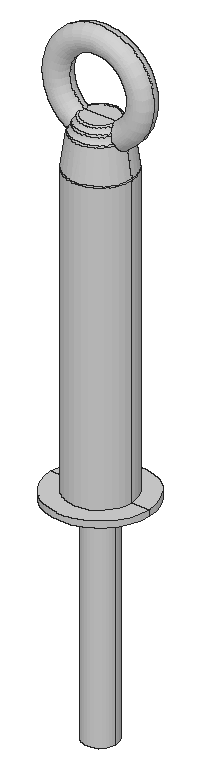
Revit family "AnchorPoint_Kattsafe_ConcreteMount_Raised", category Specialty Equipment, host Face, Revit 2025
Family settings
  Host = Face
  Round Connector Dimension = Use Diameter
  Part Type = Normal
  OmniClass Number = 23.27.71.21
  Enable Cutting in Views = No
  Cut with Voids When Loaded = Yes
  Maintain Annotation Orientation = No
  Shared = No
  Room Calculation Point = No
Parameters (values of type "150mm Extension (AP118.150)")
  Uniclass2015Version = "Products v1.23"
  Uniclass2015Title = "Safety access anchor devices"
  Uniclass2015Code = "Pr_40_70_75_75"
  URL = "https://kattsafe.com.au/"
  Type IFC Predefined Type = "USERDEFINED"
  Type Comments = "Concrete Mount Anchor - Raised - 15kN rated - 0.7kg"
  SafetyDisclaimer [instance] = "WARNING! The correct placement of access, fall protection and facade maintenance systems is critical to ensure it is fit-for-purpose and safe for the operator to use. Did you know Kattsafe® have a dedicated team of Height Safety System Design Specialists? Kattsafe® provide one-on-one consultation and system design assistance to ensure you are meeting the stringent requirements of height safety and to give you PEACE OF MIND with your project."  # constant formula
  ModifiedIssue = 20240430
  Model = "AP118.150"
  Material = Steel_Stainless_Kattsafe_Satin
  ManufacturerURLProductSpecific = "https://kattsafe.com.au/products/anchor-points/concrete-mount-roof-anchors/raised-concrete-mount-anchor-AP118"
  ManufacturerSpecCode = Model  # "AP118.150"
  ManufacturerOverallWidth = 65 mm  # constant formula
  ManufacturerOverallHeight = ExtensionHeight + 65 mm + 110 mm  # 325 mm
  ManufacturerOverallDepth = 65 mm  # constant formula
  ManufacturerHeightFromFFL [instance] = 0 mm
  Manufacturer = "Kattsafe®"  # constant formula
  IfcExportType = "USERDEFINED"
  IfcExportAs = "IfcBuildingElementProxy"
  ExtensionHeight = 150 mm
  Export Type to IFC As = "IfcBuildingElementProxy"
  ElementType = "Fall Protection"
  Description = "Our Kattsafe anchor points are specifically designed, manufactured, and tested to comply with and often exceed Australian Standards, effectively handling excessive loads and saving lives when using a harness and lanyard system."  # constant formula
  Default Elevation = 0 mm  # constant formula
  CreatedBy = "IGS BIM Solutions"  # constant formula
  CreatedByURL = "https://igsgroup.com.au"
  Assembly Code = "E1090100"
Types (3, lengths in mm): name | Type Comments | Model | ManufacturerSpecCode
  50mm Extension (AP118.050) | "Concrete Mount Anchor - Raised - 15kN rated - 0.5kg" | "AP118.050" | "AP118.050"
  150mm Extension (AP118.150) | "Concrete Mount Anchor - Raised - 15kN rated - 0.7kg" | "AP118.150" | "AP118.150"
  200mm Extension (AP118.200) | "Concrete Mount Anchor - Raised - 15kN rated - 0.9kg" | "AP118.200" | "AP118.200"
Reference planes
  plane 1 "Center (Front/Back)": y = 0
  plane 2 "Ref. Level": z = 0
  plane 3 "Center (Left/Right)": x = 0
  plane 4 "Front": y = -32.5
  plane 5 "Back": y = 32.5
  plane 6 "Right": x = 32.5
  plane 7 "Left": x = -32.5
  plane 8 "Base": z = 0
  plane 9 "Top": z = 215
  plane 10 "Extension Top": z = 150
  plane 11 "Bottom": z = -110
Forms (mm)
  Sweep 1, solid, material "Steel_Stainless_Kattsafe_Satin" <- "Material"
    path origin (0, 0, 2.188) x (1, 0, 0) y (0, 0, 1)
      loop
        arc (9.446, 161.853) -> (0.597, 209.993) -> (-10.54, 162.331) r 25
    profile origin (0.597, 0, 212.18) x (-0.02387, 0, -0.999715) y (0, -1, 0)
      loop
        circle (3.445, 0) r 6.25
  Revolve 2, solid, material "Steel_Stainless_Kattsafe_Satin" <- "Material"
    sketch origin (0, 0, 0) x (1, 0, 0) y (0, 0, 1)
      loop
        line (0, 0) -> (-8, 0) -> (-8, -110) -> (0, -110) -> (0, 0)
      axis (0, 0) -> (0, -110)
    angle from 0 to 360
  Revolve 3, void
    sketch origin (0, 0, 0) x (1, 0, 0) y (0, 0, 1)
      loop
        line (0, 0) -> (-9, 0) -> (-9, -110) -> (0, -110) -> (0, 0)
      axis (0, 0) -> (0, -110)
    angle from 0 to 360
  Revolve 4, solid, material "Steel_Stainless_Kattsafe_Satin" <- "Material"
    sketch origin (0, 0, 0) x (1, 0, 0) y (0, 0, 1)
      loop
        line (-25, 0) -> (0, 0) -> (0, 150) -> (0, 174) -> (-8.84, 174)
        arc (-8.84, 174) -> (-9.286, 173.864) -> (-9.58, 173.501) r 0.8
        arc (-9.58, 173.501) -> (-10.262, 172.207) -> (-11.185, 171.073) r 7.396
        arc (-11.185, 171.073) -> (-11.462, 170.691) -> (-11.61, 170.242) r 1.534
        arc (-11.61, 170.242) -> (-12.141, 168.655) -> (-13.139, 167.312) r 5.303
        arc (-13.139, 167.312) -> (-13.428, 166.92) -> (-13.576, 166.457) r 1.5
        line (-13.576, 166.457) -> (-15.942, 150.391)
        arc (-15.942, 150.391) -> (-15.986, 149.999) -> (-16, 149.604) r 5.4
        line (-16, 149.604) -> (-16, 3) -> (-25, 3) -> (-25, 0)
      axis (0, 0) -> (0, 174)
    angle from 0 to 360
Cuts and joins
  joined: Sweep 1, Revolve 4
Lines and regions (mm)
  Masking region 1
    outline origin (0, 0, 215) x (-1, 0, 0) y (0, -1, 0)
      loop
        arc (24.366, -5.596) -> (27.832, 0) -> (24.366, 5.596) r 6.25
        arc (24.366, 5.596) -> (0, 25) -> (-24.366, 5.596) r 25
        arc (-24.366, 5.596) -> (-27.832, 0) -> (-24.366, -5.596) r 6.25
        arc (-24.366, -5.596) -> (0, -25) -> (24.366, -5.596) r 25
  symbolic lines, style "Fall Arrest Systems", detail levels medium+fine
    curve 1: line (-22.224, 6.224, 215) -> (22.224, 6.224, 215)
    curve 2: arc (-22.224, 6.224, 215) -> (-23.323, 6.006, 215) -> (-24.366, 5.596, 215) r 6.25
    curve 3: arc (22.224, 6.224, 215) -> (23.323, 6.006, 215) -> (24.366, 5.596, 215) r 6.25
    curve 4: line (-22.224, -6.224, 215) -> (22.224, -6.224, 215)
    curve 5: arc (-22.224, -6.224, 215) -> (-23.323, -6.006, 215) -> (-24.366, -5.596, 215) r 6.25
    curve 6: arc (22.224, -6.224, 215) -> (23.323, -6.006, 215) -> (24.366, -5.596, 215) r 6.25
  symbolic lines, style "Fall Arrest Systems", detail levels fine
    curve 7: arc (-14.74, 6.224, 215) -> (0, 16, 215) -> (14.74, 6.224, 215) r 16
    curve 8: arc (14.74, -6.224, 215) -> (0, -16, 215) -> (-14.74, -6.224, 215) r 16
Text (mm)
  text "Disclaimer:\nDue to ongoing product development and manufacturing \nevolution, product details are subject to change without \nnotice. Please refer to product technical data sheets on \nthe manufacturers website for the most current product \ninformation. Please allow a +/- 5mm manufacturing \ntolerance for dimensions and set-outs shown in product \nliterature." at (140.12, 82.963, 0), in view "Ref. Level"
Dimensions and locks
  "ManufacturerOverallWidth": plane 7 "Left" to plane 6 "Right"
  "ManufacturerOverallDepth": plane 5 "Back" to plane 4 "Front"
  equal spacing: plane 4 "Front", plane 1 "Center (Front/Back)", plane 5 "Back"
  equal spacing: plane 7 "Left", plane 3 "Center (Left/Right)", plane 6 "Right"
  locked: plane 8 "Base" to plane 11 "Bottom" at 110
  "ManufacturerHeightFromFFL": plane 8 "Base" to host face
  "ManufacturerOverallHeight": plane 9 "Top" to plane 11 "Bottom"
  "ExtensionHeight": plane 10 "Extension Top" to plane 8 "Base"
  plane 9 "Top" to plane 10 "Extension Top" = 65 mm
  aligned and locked: plane 2 "Ref. Level" to host face
  aligned and locked: level to host face
  aligned and locked: plane 8 "Base" to Revolve 2
  aligned and locked: plane 8 "Base" to Revolve 3
  aligned and locked: plane 11 "Bottom" to Revolve 3
  aligned and locked: plane 3 "Center (Left/Right)" to Revolve 4 sketch curve
  aligned and locked: Revolve 4 sketch curve to Revolve 4 sketch curve
  aligned and locked: plane 8 "Base" to Revolve 4 sketch curve
Automatic sketch dimensions
  host sketch curve to host sketch curve = 65 mm  (x2)
  Sweep 1 sketch curve to plane 1 "Center (Front/Back)" = 0 mm
  Sweep 1 sketch curve to profile plane = 3.445 mm
  Sweep 1 sketch curve to plane 3 "Center (Left/Right)" = 0 mm
  plane 9 "Top" to Sweep 1 sketch curve = 27.812 mm
  Sweep 1 sketch curve to plane 3 "Center (Left/Right)" = 10.54 mm
  plane 3 "Center (Left/Right)" to Sweep 1 sketch curve = 9.446 mm
  Sweep 1 sketch curve to plane 10 "Extension Top" = 14.518 mm
  Masking region 1 sketch curve to Masking region 1 sketch curve = 0 mm  (x2)
  plane 1 "Center (Front/Back)" to Masking region 1 sketch curve = 0 mm  (x3)
  Masking region 1 sketch curve to plane 3 "Center (Left/Right)" = 0 mm
  plane 6 "Right" to Masking region 1 sketch curve = 10.918 mm
  plane 7 "Left" to Masking region 1 sketch curve = 10.918 mm
  Masking region 1 sketch curve to Masking region 1 sketch curve = 2.784 mm  (x3)
  plane 1 "Center (Front/Back)" to Masking region 1 sketch curve = 5.596 mm
  Revolve 2 sketch curve to plane 11 "Bottom" = 0 mm  (x2)
  level to Revolve 2 sketch curve = 0 mm
  Revolve 2 sketch curve to plane 3 "Center (Left/Right)" = 0 mm
  plane 3 "Center (Left/Right)" to Revolve 2 sketch curve = 0 mm
  Revolve 2 sketch curve to level = 0 mm
  Revolve 2 sketch curve to Revolve 2 sketch curve = 8 mm
  Revolve 3 sketch curve to plane 11 "Bottom" = 0 mm  (x2)
  level to Revolve 3 sketch curve = 0 mm
  Revolve 3 sketch curve to plane 3 "Center (Left/Right)" = 0 mm
  plane 3 "Center (Left/Right)" to Revolve 3 sketch curve = 0 mm
  Revolve 3 sketch curve to level = 0 mm
  Revolve 3 sketch curve to Revolve 3 sketch curve = 9 mm
  plane 1 "Center (Front/Back)" to curve 6 = 0.01 mm
  plane 6 "Right" to curve 6 = 10.938 mm
  curve 3 to curve 6 = 0 mm
  curve 2 to plane 1 "Center (Front/Back)" = 0.01 mm
  plane 1 "Center (Front/Back)" to curve 5 = 0.01 mm
  curve 5 to curve 2 = 0 mm
  curve 3 to plane 1 "Center (Front/Back)" = 0.01 mm
  curve 3 to curve 3 = 0.662 mm
  curve 6 to curve 6 = 0.662 mm
  curve 6 to curve 6 = 2.141 mm
  curve 3 to curve 1 = 2.141 mm
  curve 5 to curve 5 = 0.662 mm
  curve 2 to curve 2 = 0.662 mm
  curve 1 to curve 2 = 2.141 mm
  curve 4 to curve 5 = 2.141 mm
  curve 2 to plane 1 "Center (Front/Back)" = 5.596 mm
  plane 1 "Center (Front/Back)" to curve 5 = 5.596 mm
  curve 7 to curve 8 = 0 mm  (x2)
  plane 1 "Center (Front/Back)" to curve 8 = 0 mm
  curve 8 to plane 3 "Center (Left/Right)" = 0 mm
  curve 3 to curve 7 = 7.485 mm
  curve 7 to curve 1 = 7.485 mm
  curve 8 to curve 4 = 7.485 mm
  Revolve 4 sketch curve to plane 10 "Extension Top" = 0 mm
  Revolve 4 sketch curve to plane 3 "Center (Left/Right)" = 12.092 mm
  Revolve 4 sketch curve to Revolve 4 sketch curve = 8.84 mm
  Revolve 4 sketch curve to Revolve 4 sketch curve = 1.257 mm
  plane 10 "Extension Top" to Revolve 4 sketch curve = 0.396 mm
  Revolve 4 sketch curve to plane 3 "Center (Left/Right)" = 10.6 mm
  Revolve 4 sketch curve to Revolve 4 sketch curve = 1.484 mm
  Revolve 4 sketch curve to plane 10 "Extension Top" = 0.391 mm
  Revolve 4 sketch curve to Revolve 4 sketch curve = 5.342 mm
  Revolve 4 sketch curve to Revolve 4 sketch curve = 7.593 mm
  Revolve 4 sketch curve to Revolve 4 sketch curve = 0.41 mm
  plane 7 "Left" to Revolve 4 sketch curve = 7.5 mm
  Revolve 4 sketch curve to Revolve 4 sketch curve = 3 mm
  Revolve 4 sketch curve to plane 10 "Extension Top" = 16.238 mm
  Revolve 4 sketch curve to Revolve 4 sketch curve = 0.219 mm
  Revolve 4 sketch curve to Revolve 4 sketch curve = 3.535 mm
  Revolve 4 sketch curve to Revolve 4 sketch curve = 4.651 mm
  Revolve 4 sketch curve to Revolve 4 sketch curve = 3.208 mm
  Revolve 4 sketch curve to Revolve 4 sketch curve = 0.8 mm
  Revolve 4 sketch curve to Revolve 4 sketch curve = 5.177 mm
  Revolve 4 sketch curve to Revolve 4 sketch curve = 0 mm  (x3)
  Revolve 4 sketch curve to plane 11 "Bottom" = 10 mm
  plane 11 "Bottom" to Revolve 4 sketch curve = 125 mm
  radius of Sweep 1 sketch curve = 6.25 mm
